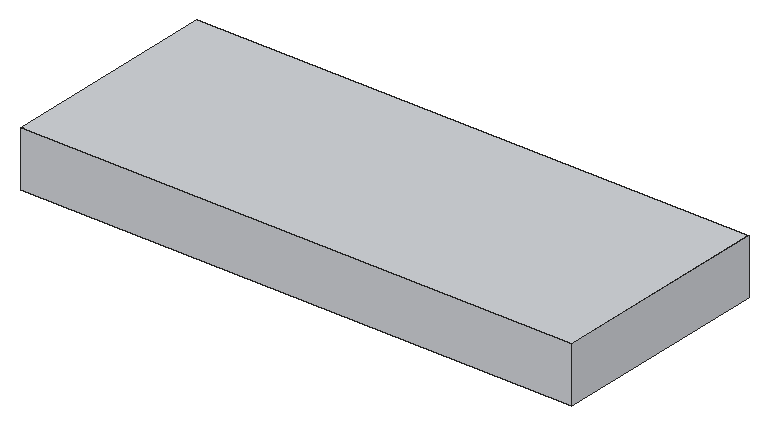
Revit family "電線管用ファミリ(片側のみ)_14", category Electrical Fixtures, Revit 2022
Family settings
  Round Connector Dimension = Use Diameter
  Part Type = Normal
  OmniClass Number = 23.80.00.00
  OmniClass Title = Electric Power and Lighting
  Work Plane-Based = No
  Always vertical = Yes
  Cut with Voids When Loaded = No
  Maintain Annotation Orientation = No
  Shared = No
  Room Calculation Point = No
Parameters
  コネクタ直径 [instance] = 16 mm
  W [instance] = 500 mm
  Default Elevation = 0 mm
  D [instance] = 200 mm
Reference planes
  plane 1 "Center (Front/Back)": y = 0
  plane 2: z = 0
  plane 3 "Center (Left/Right)": x = 0
  plane 4: x = -250
  plane 5: x = 250
  plane 6: y = 100
  plane 7: y = -100
  plane 8: z = 50
Forms (mm)
  Extrusion 1, solid
    sketch origin (0, 0, 0) x (1, 0, 0) y (0, 1, 0)
      loop
        line (-250, 100) -> (-250, -100) -> (250, -100) -> (250, 100) -> (-250, 100)
    from 0 to 50
  Extrusion 2, solid
    sketch origin (0, 0, 0) x (1, 0, 0) y (0, 1, 0)
      loop
        line (250, 100) -> (-250, -100) -> (250, -100) -> (250, 100)
    from 0 to 50
Dimensions and locks
  equal spacing: plane 4, plane 3 "Center (Left/Right)", plane 5
  "W": plane 4 to plane 5
  equal spacing: plane 6, plane 1 "Center (Front/Back)", plane 7
  "D": plane 6 to plane 7
  aligned and locked: level to plane 2
  aligned and locked: plane 8 to Extrusion 1
  aligned and locked: Extrusion 1 to plane 4
  aligned and locked: plane 6 to Extrusion 1
  aligned and locked: plane 5 to Extrusion 1
  aligned and locked: Extrusion 1 to plane 7
  aligned and locked: Extrusion 2 to plane 7
  aligned and locked: plane 5 to Extrusion 2
Automatic sketch dimensions
  Extrusion 1 sketch curve to plane 4 = 0 mm
  Extrusion 1 sketch curve to plane 5 = 0 mm
  Extrusion 1 sketch curve to plane 7 = 0 mm
  plane 6 to Extrusion 1 sketch curve = 0 mm
  Extrusion 2 sketch curve to plane 4 = 0 mm
  Extrusion 2 sketch curve to plane 5 = 0 mm
  Extrusion 2 sketch curve to plane 7 = 0 mm
  Extrusion 2 sketch curve to plane 6 = 0 mm
Connectors
  cabletrayconduit at (0, 0, 50), diameter 16
    settings: on Extrusion 1, index 1, connector width 300 mm, connector height 300 mm, connector angle 0.00°, system type 32, placement type 0, profile type 0, connector reference index -1, is primary connector yes, connector utility param no, connector description ""
